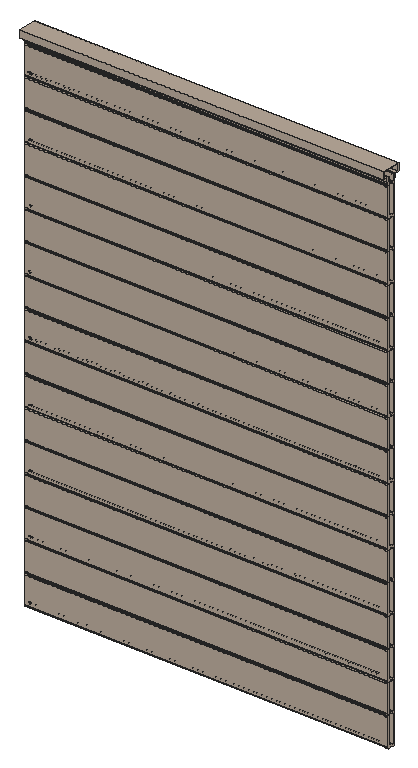
Revit family "Palmshield-Mercury-Solid-Vinyl-Panel", category Specialty Equipment, Revit 2026
Family settings
  Round Connector Dimension = Use Diameter
  Part Type = Normal
  Classification Number = 23.55.00.00
  Work Plane-Based = No
  Enable Cutting in Views = No
  Always vertical = No
  Cut with Voids When Loaded = No
  Maintain Annotation Orientation = No
  Shared = No
  Room Calculation Point = No
Parameters (values of type "Assembly")
  Width [instance] = if(Desired Overall Width < C Min Width, C Min Width, if(Desired Overall Width > C Max Width, C Max Width, Desired Overall Width))  # 4' - 0"
  Warranty URL = "https://palmshieldlouvers.com/wp-content/uploads/2020/01/PalmSHIELD-Warranty-NO-SIGN-LINE.pdf"
  Version = "2020 - v1.0a"  # constant formula
  URL = "https://palmshieldlouvers.com/"
  Product Page URL = "https://palmshieldlouvers.com/products/mercury-eco-solid/"
  Product Documentation Link = "https://palmshieldlouvers.com/wp-content/uploads/2022/01/PalmSHIELD-Mercury-Solid-Composite-Infill-Architectural-Screening-Specifications.doc"
  Offset From Surface = 0' - 2"  # constant formula
  Model = "Mercury Economic - Solid"  # constant formula
  Material = Metal - PalmSHIELD - Grey Beige
  Manufacturer Phone Number = "531-329-4406 "  # constant formula
  Manufacturer Email = "mailto: info@palmshieldlouvers.com"
  Manufacturer Address = "12330 Cary Circle, La Vista, NE 68128"  # constant formula
  Manufacturer = "PalmSHIELD"  # constant formula
  Louver Finish = Metal - PalmSHIELD - Grey Beige
  Keynote = "05 10 00"
  Instruction Sheet Link = "https://palmshieldlouvers.com/wp-content/uploads/2020/02/PalmSHIELD-Element-Screening-Installation-Instructions.pdf"
  ID [instance] = "Not Assigned"
  Height [instance] = if(Desired Overall Height < C Min Height, C Min Height, if(Desired Overall Height > C Max Height, C Max Height, Desired Overall Height))  # 6' - 0"
  Desired Overall Width [instance] = 4' - 0"
  Desired Overall Height [instance] = 6' - 0"
  Desired Bottom Angle [instance] = 0.00°
  Description = "Mercury Economic - Solid - Vinyl - Panel Assembly"  # constant formula
  Default Elevation = 0' - 0"
  Copyright = "Copyright ©2024 The American Fence Company and PalmSHIELD. All Rights Reserved."  # constant formula
  Component Vis [instance] = yes
  Component Name [instance] = "Mercury Economic - Solid - Vinyl"  # constant formula
  C Min Width [instance] = 4' - 0"  # constant formula
  C Min Height [instance] = C Min Width  # 4' - 0"
  C Max Width [instance] = 5' - 6"  # constant formula
  C Max Height [instance] = 8' - 0"  # constant formula
  C Angle [instance] = if(Desired Bottom Angle > 10.00°, 10.00°, if(Desired Bottom Angle < -10.00°, -10.00°, Desired Bottom Angle))  # 0.00°
  Assembly Code = "F1020100"
Reference planes (in)
  plane 1 "Center (Front/Back)": y = 0
  plane 2: z = 0
  plane 3 "Center (Left/Right)": x = 0
  plane 4: z = 72
  plane 5: x = 48
  plane 6: y = 3
  plane 7: y = 1.5
Lines and regions (in)
  reference lines
    curve 1: line (48, 0, 96.95698) -> (48, 0, -11)
    curve 2: line (-20.8931, 0, 72) -> (71.1069, 0, 72)
Dimensions and locks (in)
  "Desired Overall Height": curve 2 to level
  "Desired Overall Width": curve 1 to plane 3 "Center (Left/Right)"
  "Height": plane 4 to level
  "Width": plane 5 to plane 3 "Center (Left/Right)"
  equal spacing: plane 1 "Center (Front/Back)", plane 7, plane 6
  aligned and locked: plane 2 to level
Automatic sketch dimensions
  curve 2 to plane 3 "Center (Left/Right)" = 1' - 8.8931"
  plane 5 to curve 2 = 1' - 11.1069"
  curve 1 to level = 0' - 11"
  plane 4 to curve 1 = 2' - 0.95698"
Nested families (in)
  nested 1: "Screening-Louver-Assembly-Panel-Palmshield-Mercury_Economic-Solid-Vinyl" at (0, -1.25, 0), Desired Overall Height <- "Desired Overall Height", Desired Overall Width <- "Desired Overall Width", ID <- "ID", Component Vis <- "Component Vis", visible <- "Component Vis", type "Assembly"
    with Width 4' - 0", Louver Length 4' - 1", ID "Not Assigned", Height 6' - 0", Desired Overall Width 4' - 0", Desired Overall Height 6' - 0", Component Vis yes, Component Name "Mercury Economic Solid - Panel Assembly - Vinyl", C Top Post Length 4' - 0", C Top Piece Cut 0' - 4", C Top Cut In Place Vis yes, C Top Cut Height Real 0' - 5", C Top Cut Height 0' - 5", C Straight Corner Angle 45.00°, C Slope Angle 0.00°, C Side Frame Width 0' - 0 7/8", C Side Adjustment 0' - 0", C Rib Thickness Bottom Offset 0' - 0", C Rib Bottom Side Offset 0' - 0", C Louver Prelim Length 5' - 4", C Louver Offset 0' - 0 1/8", C Louver Count Prelim 8, C Hip 4' - 0", C Frame Offset 0' - 0 3/8", C Desired Bottom Angle 0.00°, C B-Side Post Length 6' - 0", C B-Side Angle 45.00°, C Angle 90.00°, C A-Side Post Length 6' - 0", C A-Side Angle 45.00°
  nested 2: "Nested-Louvers-Palmshield-Mercury_Economic-Solid-Vinyl" at (-0.5, 0, 58) x (0, 1, 0) z (1, 0, 0), type "1" X 8" TONGUE AND GROOVE VINYL INFILL"
    with Material Metal - PalmSHIELD - Grey Beige, Length 4' - 1", ID "Not Assigned", Field Cut no, Desired Cut Distance 0' - 1 3/4", Component Name "Mercury Economic Solid - Vinyl - Louvers", C Cut Distance 0' - 0 3/4"
  nested 3: "Nested-Louvers-Palmshield-Mercury_Economic-Solid-Vinyl" at (-0.5, 0, 50) x (0, 1, 0) z (1, 0, 0), type "1" X 8" TONGUE AND GROOVE VINYL INFILL"
    with Material Metal - PalmSHIELD - Grey Beige, Length 4' - 1", ID "Not Assigned", Field Cut no, Desired Cut Distance 0' - 1 3/4", Component Name "Mercury Economic Solid - Vinyl - Louvers", C Cut Distance 0' - 0 3/4"
  nested 4: "Nested-Louvers-Palmshield-Mercury_Economic-Solid-Vinyl" at (-0.5, 0, 42) x (0, 1, 0) z (1, 0, 0), type "1" X 8" TONGUE AND GROOVE VINYL INFILL"
    with Material Metal - PalmSHIELD - Grey Beige, Length 4' - 1", ID "Not Assigned", Field Cut no, Desired Cut Distance 0' - 1 3/4", Component Name "Mercury Economic Solid - Vinyl - Louvers", C Cut Distance 0' - 0 3/4"
  nested 5: "Nested-Louvers-Palmshield-Mercury_Economic-Solid-Vinyl" at (-0.5, 0, 34) x (0, 1, 0) z (1, 0, 0), type "1" X 8" TONGUE AND GROOVE VINYL INFILL"
    with Material Metal - PalmSHIELD - Grey Beige, Length 4' - 1", ID "Not Assigned", Field Cut no, Desired Cut Distance 0' - 1 3/4", Component Name "Mercury Economic Solid - Vinyl - Louvers", C Cut Distance 0' - 0 3/4"
  nested 6: "Nested-Louvers-Palmshield-Mercury_Economic-Solid-Vinyl" at (-0.5, 0, 26) x (0, 1, 0) z (1, 0, 0), type "1" X 8" TONGUE AND GROOVE VINYL INFILL"
    with Material Metal - PalmSHIELD - Grey Beige, Length 4' - 1", ID "Not Assigned", Field Cut no, Desired Cut Distance 0' - 1 3/4", Component Name "Mercury Economic Solid - Vinyl - Louvers", C Cut Distance 0' - 0 3/4"
  nested 7: "Nested-Louvers-Palmshield-Mercury_Economic-Solid-Vinyl" at (-0.5, 0, 18) x (0, 1, 0) z (1, 0, 0), type "1" X 8" TONGUE AND GROOVE VINYL INFILL"
    with Material Metal - PalmSHIELD - Grey Beige, Length 4' - 1", ID "Not Assigned", Field Cut no, Desired Cut Distance 0' - 1 3/4", Component Name "Mercury Economic Solid - Vinyl - Louvers", C Cut Distance 0' - 0 3/4"
  nested 8: "Nested-Louvers-Palmshield-Mercury_Economic-Solid-Vinyl" at (-0.5, 0, 10) x (0, 1, 0) z (1, 0, 0), type "1" X 8" TONGUE AND GROOVE VINYL INFILL"
    with Material Metal - PalmSHIELD - Grey Beige, Length 4' - 1", ID "Not Assigned", Field Cut no, Desired Cut Distance 0' - 1 3/4", Component Name "Mercury Economic Solid - Vinyl - Louvers", C Cut Distance 0' - 0 3/4"
  nested 9: "Nested-Louvers-Palmshield-Mercury_Economic-Solid-Vinyl" at (-0.5, 0, 2) x (0, 1, 0) z (1, 0, 0), type "1" X 8" TONGUE AND GROOVE VINYL INFILL"
    with Material Metal - PalmSHIELD - Grey Beige, Length 4' - 1", ID "Not Assigned", Field Cut no, Desired Cut Distance 0' - 1 3/4", Component Name "Mercury Economic Solid - Vinyl - Louvers", C Cut Distance 0' - 0 3/4"
  nested 10: "Nested-U_Channel-Palmshield-Mercury_Economic-Solid-Vinyl" at (-0.5, 0, 72) x (0, 1, 0) z (1, 0, 0), type "6063 T6 ALUM 3" X 2" GATE FRAME U CHANNEL"
    with Material Metal - PalmSHIELD - Grey Beige, Length 4' - 1", ID "Not Assigned", Component Name "Mercury Economic Solid - Aluminum - U Channel"
  nested 11: "Nested-Louvers-Palmshield-Mercury_Economic-Solid-Vinyl" at (-0.5, 0, 66) x (0, 1, 0) z (1, 0, 0), type "1" X 8" TONGUE AND GROOVE VINYL INFILL"
    with Material Metal - PalmSHIELD - Grey Beige, Length 4' - 1", ID "Not Assigned", Field Cut yes, Desired Cut Distance 0' - 4", Component Name "Mercury Economic Solid - Vinyl - Louvers", C Cut Distance 0' - 4"
Definition of nested family "Nested-Louvers-Palmshield-Mercury_Economic-Solid-Vinyl"
  Parameters (values of type "1" X 8" TONGUE AND GROOVE VINYL INFILL")
    Width = 0' - 8"  # constant formula
    Warranty URL = "https://palmshieldlouvers.com/wp-content/uploads/2020/01/PalmSHIELD-Warranty-NO-SIGN-LINE.pdf"
    Version = "2020 - v1.0a"  # constant formula
    URL = "https://palmshieldlouvers.com/"
    Thickness = 0' - 1"  # constant formula
    Product Page URL = "Contact Manufacturer for More Information"
    Product Documentation Link = "Contact Manufacturer for More Information"
    Model = "Mercury Economic Solid"  # constant formula
    Material [instance] = none
    Manufacturer Phone Number = "531-329-4406 "  # constant formula
    Manufacturer Fax Number = "Consult Manufacturer Website for More Information"  # constant formula
    Manufacturer Email = "mailto: info@palmshieldlouvers.com"
    Manufacturer Address = "12330 Cary Circle, La Vista, NE 68128"  # constant formula
    Manufacturer = "PalmSHIELD"  # constant formula
    Length [instance] = 4' - 4.86713"
    Keynote = "05 10 00"
    Instruction Sheet Link = "Contact Manufacturer for More Information"
    ID [instance] = ""
    Field Cut [instance] = no
    Desired Cut Distance [instance] = 0' - 2"
    Description = "Mercury Economic Solid - Louvers"  # constant formula
    Default Elevation = 4' - 0"
    Copyright = "Copyright ©2024 The American Fence Company and PalmSHIELD. All Rights Reserved."  # constant formula
    Component Name [instance] = "Mercury Economic Solid - Vinyl - Louvers"  # constant formula
    C Cut Distance [instance] = if(not(Field Cut), 0' 0 3/4", if(Field Cut, (if(Desired Cut Distance < 0' 0 3/4", 0' 0 3/4", if(Desired Cut Distance > 0' 8 3/4", 0' 8 3/4", Desired Cut Distance))), 0' 0 3/4"))  # 0' - 0 3/4"
    Assembly Code = "F1020100"
  Reference planes (in)
    plane 1 "Center (Front/Back)": y = 0
    plane 2: z = 0
    plane 3 "Center (Left/Right)": x = 0
    plane 4: z = 52.86713
    plane 5: y = 8
    plane 6: y = 9
  Forms (in)
    Extrusion 1, solid
      sketch origin (0, 0, 0) x (1, 0, 0) y (0, 1, 0)
        loop
          line (-48, 48) -> (-48, -48) -> (48, -48) -> (48, 48) -> (-48, 48)
      from 0 to -12
    Sweep 2, solid, material <- "Material", detail levels medium+fine
      path origin (0, 0, 0) x (0, 1, 0) y (0, 0, 1)
        loop
          line (0, 0) -> (0, 52.86713)
      profile "Profile-Palmshield-Louver : 1" X 8" TONGUE AND GROOVE VINYL INFILL" origin (0, 0, 26.43357) x (0, -1, 0) y (1, 0, 0)
        loop
          line (-7.9375, 0.375) -> (-7.9375, -0.375)
          arc (-7.9375, -0.375) -> (-7.91919, -0.41919) -> (-7.875, -0.4375) r 0.0625
          line (-7.875, -0.4375) -> (-4.15089, -0.4375) -> (-4.08839, -0.375)
          arc (-4.08839, -0.375) -> (-4, -0.33839) -> (-3.91161, -0.375) r 0.125
          line (-3.91161, -0.375) -> (-3.84911, -0.4375) -> (-0.125, -0.4375)
          arc (-0.125, -0.4375) -> (-0.08081, -0.41919) -> (-0.0625, -0.375) r 0.0625
          line (-0.0625, -0.375) -> (-0.0625, -0.1875) -> (-0.1875, -0.1875)
          arc (-0.1875, -0.1875) -> (-0.27589, -0.15089) -> (-0.3125, -0.0625) r 0.125
          line (-0.3125, -0.0625) -> (-0.3125, 0.0625)
          arc (-0.3125, 0.0625) -> (-0.27589, 0.15089) -> (-0.1875, 0.1875) r 0.125
          line (-0.1875, 0.1875) -> (-0.0625, 0.1875) -> (-0.0625, 0.375)
          arc (-0.0625, 0.375) -> (-0.08081, 0.41919) -> (-0.125, 0.4375) r 0.0625
          line (-0.125, 0.4375) -> (-3.84911, 0.4375) -> (-3.91161, 0.375)
          arc (-3.91161, 0.375) -> (-4, 0.33839) -> (-4.08839, 0.375) r 0.125
          line (-4.08839, 0.375) -> (-4.15089, 0.4375) -> (-7.875, 0.4375)
          arc (-7.875, 0.4375) -> (-7.91919, 0.41919) -> (-7.9375, 0.375) r 0.0625
        loop
          arc (-8, -0.375) -> (-7.96339, -0.46339) -> (-7.875, -0.5) r 0.125
          line (-7.875, -0.5) -> (-4.15089, -0.5)
          arc (-4.15089, -0.5) -> (-4.12697, -0.49524) -> (-4.10669, -0.48169) r 0.0625
          line (-4.10669, -0.48169) -> (-4.04419, -0.41919)
          arc (-4.04419, -0.41919) -> (-4, -0.40089) -> (-3.95581, -0.41919) r 0.0625
          line (-3.95581, -0.41919) -> (-3.89331, -0.48169)
          arc (-3.89331, -0.48169) -> (-3.87303, -0.49524) -> (-3.84911, -0.5) r 0.0625
          line (-3.84911, -0.5) -> (-0.125, -0.5)
          arc (-0.125, -0.5) -> (-0.03661, -0.46339) -> (0, -0.375) r 0.125
          line (0, -0.375) -> (0, -0.1875)
          arc (0, -0.1875) -> (-0.01831, -0.14331) -> (-0.0625, -0.125) r 0.0625
          line (-0.0625, -0.125) -> (-0.1875, -0.125)
          arc (-0.1875, -0.125) -> (-0.23169, -0.10669) -> (-0.25, -0.0625) r 0.0625
          line (-0.25, -0.0625) -> (-0.25, 0.0625)
          arc (-0.25, 0.0625) -> (-0.23169, 0.10669) -> (-0.1875, 0.125) r 0.0625
          line (-0.1875, 0.125) -> (-0.0625, 0.125)
          arc (-0.0625, 0.125) -> (-0.01831, 0.14331) -> (0, 0.1875) r 0.0625
          line (0, 0.1875) -> (0, 0.375)
          arc (0, 0.375) -> (-0.03661, 0.46339) -> (-0.125, 0.5) r 0.125
          line (-0.125, 0.5) -> (-3.84911, 0.5)
          arc (-3.84911, 0.5) -> (-3.87303, 0.49524) -> (-3.89331, 0.48169) r 0.0625
          line (-3.89331, 0.48169) -> (-3.95581, 0.41919)
          arc (-3.95581, 0.41919) -> (-4, 0.40089) -> (-4.04419, 0.41919) r 0.0625
          line (-4.04419, 0.41919) -> (-4.10669, 0.48169)
          arc (-4.10669, 0.48169) -> (-4.12697, 0.49524) -> (-4.15089, 0.5) r 0.0625
          line (-4.15089, 0.5) -> (-7.875, 0.5)
          arc (-7.875, 0.5) -> (-7.96339, 0.46339) -> (-8, 0.375) r 0.125
          line (-8, 0.375) -> (-8, 0.09375) -> (-8.1875, 0.09375)
          arc (-8.1875, 0.09375) -> (-8.23169, 0.07544) -> (-8.25, 0.03125) r 0.0625
          line (-8.25, 0.03125) -> (-8.25, -0.03125)
          arc (-8.25, -0.03125) -> (-8.23169, -0.07544) -> (-8.1875, -0.09375) r 0.0625
          line (-8.1875, -0.09375) -> (-8, -0.09375) -> (-8, -0.375)
    Extrusion 3, solid, material <- "Material", detail levels coarse
      sketch origin (0, 0, 0) x (1, 0, 0) y (0, 1, 0)
        loop
          line (0.5, 4.04549) -> (0.5, 7.875)
          arc (0.5, 7.875) -> (0.46339, 7.96339) -> (0.375, 8) r 0.125
          line (0.375, 8) -> (0.09375, 8) -> (0.09375, 8.1875)
          arc (0.09375, 8.1875) -> (0.07544, 8.23169) -> (0.03125, 8.25) r 0.0625
          line (0.03125, 8.25) -> (-0.03125, 8.25)
          arc (-0.03125, 8.25) -> (-0.07544, 8.23169) -> (-0.09375, 8.1875) r 0.0625
          line (-0.09375, 8.1875) -> (-0.09375, 8) -> (-0.375, 8)
          arc (-0.375, 8) -> (-0.46339, 7.96339) -> (-0.5, 7.875) r 0.125
          line (-0.5, 7.875) -> (-0.5, 3.97997) -> (-0.5, 0.125)
          arc (-0.5, 0.125) -> (-0.46339, 0.03661) -> (-0.375, 0) r 0.125
          line (-0.375, 0) -> (-0.1875, 0)
          arc (-0.1875, 0) -> (-0.14331, 0.01831) -> (-0.125, 0.0625) r 0.0625
          line (-0.125, 0.0625) -> (-0.125, 0.1875)
          arc (-0.125, 0.1875) -> (-0.10669, 0.23169) -> (-0.0625, 0.25) r 0.0625
          line (-0.0625, 0.25) -> (0.0625, 0.25)
          arc (0.0625, 0.25) -> (0.10669, 0.23169) -> (0.125, 0.1875) r 0.0625
          line (0.125, 0.1875) -> (0.125, 0.0625)
          arc (0.125, 0.0625) -> (0.14331, 0.01831) -> (0.1875, 0) r 0.0625
          line (0.1875, 0) -> (0.375, 0)
          arc (0.375, 0) -> (0.46339, 0.03661) -> (0.5, 0.125) r 0.125
          line (0.5, 0.125) -> (0.5, 4.04549)
      from 0 to 52.86713
    Extrusion 4, void
      sketch origin (0, 0, 0) x (1, 0, 0) y (0, 1, 0)
        loop
          line (-1.43237, 9) -> (-1.43237, 8.25) -> (1.56763, 8.25) -> (1.56763, 9) -> (-1.43237, 9)
      from 0 to 52.86713
  Cuts and joins
    Extrusion 4 cuts Extrusion 3
    Extrusion 4 cuts Sweep 2
  Lines and regions (in)
    reference lines
      curve 1: line (-3.17501, 7, 0) -> (4.57499, 7, 0)
  Dimensions and locks (in)
    "Length": plane 4 to plane 2
    "Width": plane 1 "Center (Front/Back)" to plane 5
    locked: plane 5 to plane 6 at 1
    "C Cut Distance": plane 6 to Extrusion 4 sketch curve
    "Desired Cut Distance": plane 6 to curve 1
    aligned and locked: plane 2 to Extrusion 1
    aligned and locked: level to Extrusion 1
    aligned and locked: plane 1 "Center (Front/Back)" to Sweep 2 sketch curve
    aligned and locked: plane 4 to Sweep 2 sketch curve
    aligned and locked: plane 4 to Extrusion 3
    aligned and locked: Extrusion 4 sketch curve to plane 6
    aligned and locked: plane 4 to cut or joined group of Extrusion 3, Extrusion 4
  Automatic sketch dimensions
    Extrusion 1 sketch curve to Extrusion 1 sketch curve = 8' - 0"  (x2)
    Sweep 2 sketch curve to level = 0' - 0"
    plane 5 to Extrusion 3 sketch curve = 0' - 0"  (x2)
    plane 1 "Center (Front/Back)" to Extrusion 3 sketch curve = 0' - 0"  (x2)
    Extrusion 3 sketch curve to plane 3 "Center (Left/Right)" = 0' - 0 1/2"
    Extrusion 3 sketch curve to plane 1 "Center (Front/Back)" = 0' - 0 1/8"
    Extrusion 3 sketch curve to Extrusion 3 sketch curve = 0' - 0 1/8"  (x4)
    Extrusion 3 sketch curve to plane 3 "Center (Left/Right)" = 0' - 0 3/16"
    Extrusion 3 sketch curve to plane 1 "Center (Front/Back)" = 0' - 0 1/16"  (x2)
    Extrusion 3 sketch curve to plane 3 "Center (Left/Right)" = 0' - 0 3/32"
    Extrusion 3 sketch curve to plane 3 "Center (Left/Right)" = 0' - 0 1/16"
    Extrusion 3 sketch curve to plane 3 "Center (Left/Right)" = 0' - 0 1/32"
    plane 3 "Center (Left/Right)" to Extrusion 3 sketch curve = 0' - 0 1/32"
    plane 3 "Center (Left/Right)" to Extrusion 3 sketch curve = 0' - 0 1/16"
    Extrusion 3 sketch curve to Extrusion 3 sketch curve = 0' - 0 1/16"  (x2)
    Extrusion 3 sketch curve to Extrusion 3 sketch curve = 0' - 0 3/16"  (x2)
    Extrusion 3 sketch curve to Extrusion 3 sketch curve = 0' - 3.79549"
    Extrusion 3 sketch curve to Extrusion 3 sketch curve = 0' - 0.06553"
    curve 1 to plane 3 "Center (Left/Right)" = 0' - 3.17501"
    plane 3 "Center (Left/Right)" to curve 1 = 0' - 4.57499"
    Extrusion 4 sketch curve to plane 3 "Center (Left/Right)" = 0' - 1.43237"
    plane 3 "Center (Left/Right)" to Extrusion 4 sketch curve = 0' - 1.56763"
Definition of nested family "Nested-U_Channel-Palmshield-Mercury_Economic-Solid-Vinyl"
  Parameters (values of type "6063 T6 ALUM 3" X 2" GATE FRAME U CHANNEL")
    Width = 0' - 2 1/2"  # constant formula
    Warranty URL = "https://palmshieldlouvers.com/wp-content/uploads/2020/01/PalmSHIELD-Warranty-NO-SIGN-LINE.pdf"
    Version = "2020 - v1.0a"  # constant formula
    URL = "https://palmshieldlouvers.com/"
    Thickness = 0' - 0 1/16"  # constant formula
    Product Page URL = "Contact Manufacturer for More Information"
    Product Documentation Link = "Contact Manufacturer for More Information"
    Model = "Mercury Economic Solid"  # constant formula
    Material [instance] = none
    Manufacturer Phone Number = "531-329-4406 "  # constant formula
    Manufacturer Fax Number = "Consult Manufacturer Website for More Information"  # constant formula
    Manufacturer Email = "mailto: info@palmshieldlouvers.com"
    Manufacturer Address = "12330 Cary Circle, La Vista, NE 68128"  # constant formula
    Manufacturer = "PalmSHIELD"  # constant formula
    Length [instance] = 4' - 4.86713"
    Keynote = "05 10 00"
    Instruction Sheet Link = "Contact Manufacturer for More Information"
    ID [instance] = ""
    Description = "Mercury Economic Solid - U Channel"  # constant formula
    Default Elevation = 4' - 0"
    Copyright = "Copyright ©2024 The American Fence Company and PalmSHIELD. All Rights Reserved."  # constant formula
    Component Name [instance] = "Mercury Economic Solid - Aluminum - U Channel"  # constant formula
    Assembly Code = "F1020100"
  Reference planes (in)
    plane 1 "Center (Front/Back)": y = 0
    plane 2: z = 0
    plane 3 "Center (Left/Right)": x = 0
    plane 4: z = 52.86713
  Forms (in)
    Extrusion 1, solid
      sketch origin (0, 0, 0) x (1, 0, 0) y (0, 1, 0)
        loop
          line (-48, 48) -> (-48, -48) -> (48, -48) -> (48, 48) -> (-48, 48)
      from 0 to -12
    Extrusion 2, solid, material <- "Material"
      sketch origin (0, 0, 0) x (1, 0, 0) y (0, 1, 0)
        loop
          line (-1.25, 0) -> (-1.25, -1) -> (-0.625, -1) -> (-0.625, -1.5) -> (-0.5625, -1.5) -> (-0.5625, -0.9375) -> (-1.1875, -0.9375) -> (-1.1875, -0.0625) -> (1.1875, -0.0625) -> (1.1875, -0.9375) -> (0.5625, -0.9375) -> (0.5625, -1.5) -> (0.625, -1.5) -> (0.625, -1) -> (1.25, -1) -> (1.25, 0) -> (-1.25, 0)
      from 0 to 52.86713
  Dimensions and locks (in)
    "Length": plane 4 to plane 2
    aligned and locked: plane 2 to Extrusion 1
    aligned and locked: level to Extrusion 1
    aligned and locked: plane 4 to Extrusion 2
  Automatic sketch dimensions
    Extrusion 1 sketch curve to Extrusion 1 sketch curve = 8' - 0"  (x2)
    plane 1 "Center (Front/Back)" to Extrusion 2 sketch curve = 0' - 0"
    Extrusion 2 sketch curve to Extrusion 2 sketch curve = 0' - 0 5/8"  (x2)
    Extrusion 2 sketch curve to Extrusion 2 sketch curve = 0' - 1 1/4"
    Extrusion 2 sketch curve to Extrusion 2 sketch curve = 0' - 1"  (x2)
    Extrusion 2 sketch curve to Extrusion 2 sketch curve = 0' - 0 1/2"  (x2)
    Extrusion 2 sketch curve to Extrusion 2 sketch curve = 0' - 0 1/16"  (x7)
    Extrusion 2 sketch curve to plane 3 "Center (Left/Right)" = 0' - 1 1/4"
Definition of nested family "Screening-Louver-Assembly-Panel-Palmshield-Mercury_Economic-Solid-Vinyl"
  Parameters (values of type "Default")
    Width [instance] = if(Desired Overall Width < 4' 0", 4' 0", if(Desired Overall Width > 5' 6", 5' 6", Desired Overall Width))  # 4' - 0"
    Warranty URL = "https://palmshieldlouvers.com/wp-content/uploads/2020/01/PalmSHIELD-Warranty-NO-SIGN-LINE.pdf"
    Version = "2020 - v1.0a"  # constant formula
    URL = "https://palmshieldlouvers.com/"
    Offset From Surface = 0' - 3 1/2"  # constant formula
    Material = none
    Louver Separation = 0' - 0"  # constant formula
    Product Page URL = "Contact Manufacturer for More Information"
    Product Documentation Link = "Contact Manufacturer for More Information"
    Model = "Mercury Economic Solid"  # constant formula
    Manufacturer Phone Number = "531-329-4406 "  # constant formula
    Manufacturer Fax Number = "Consult Manufacturer Website for More Information"  # constant formula
    Manufacturer Email = "mailto: info@palmshieldlouvers.com"
    Manufacturer Address = "12330 Cary Circle, La Vista, NE 68128"  # constant formula
    Manufacturer = "PalmSHIELD"  # constant formula
    Louver Length [instance] = Width + 2 * C Frame Overlap  # 4' - 1"
    Keynote = "05 10 00"
    Instruction Sheet Link = "Contact Manufacturer for More Information"
    ID [instance] = "Not Assgined"
    Height [instance] = if(Desired Overall Height < 3' 0", 3' 0", if(Desired Overall Height > 8' 0", 8' 0", Desired Overall Height))  # 6' - 0"
    Component Vis [instance] = no
    C Top Frame Offset = 0' - 1"  # constant formula
    C Louver Prelim Length [instance] = C Louver Count Prelim * C Louver Height  # 5' - 4"
    C Louver Height = 0' - 8"  # constant formula
    C Frame Width = 0' - 2 1/2"  # constant formula
    C Frame Thickness = 0' - 0 1/8"  # constant formula
    Desired Overall Width [instance] = 4' - 0"
    Desired Overall Height [instance] = 6' - 0"
    Description = "Mercury Economic Solid - Panel Assembly"  # constant formula
    Default Elevation = 0' - 0"
    Copyright = "Copyright ©2024 The American Fence Company and PalmSHIELD. All Rights Reserved."  # constant formula
    Component Name [instance] = "Mercury Economic Solid - Panel Assembly - Vinyl"  # constant formula
    C Top Post Length [instance] = Width  # 4' - 0"
    C Top Offset = 0' - 6 1/2"  # constant formula
    C Straight Corner Angle [instance] = 45.00°  # constant formula
    C Slope Angle [instance] = if(C Desired Bottom Angle < -25.00°, 25.00°, if(C Desired Bottom Angle > 25.00°, 25.00°, C Desired Bottom Angle))  # 0.00°
    C Side Frame Width [instance] = 0' - 0 7/8"  # constant formula
    C Rib Thickness Bottom Offset [instance] = 0' - 0"  # constant formula
    C Rib Bottom Side Offset [instance] = if(C Slope Angle < 0.00°, -C Frame Thickness * sin(C Slope Angle), C Frame Thickness * sin(C Slope Angle))  # 0' - 0"
    C Louver Overlap = 0' - 1 13/16"  # constant formula
    C Louver Offset [instance] = 0' - 0 1/8"  # constant formula
    C Louver Count Prelim [instance] = rounddown((Height - 0' 0 3/4" - C Bottom Offset - 2 * C Top Frame Offset) / C Louver Height)  # 8
    C Hip [instance] = Width / cos(C Slope Angle)  # 4' - 0"
    C Side Adjustment [instance] = -C Hip * sin(C Slope Angle)  # 0' - 0"
    C Frame Overlap = 0' - 0 1/2"  # constant formula
    C Frame Offset [instance] = C Side Frame Width - 0' 0 1/2"  # 0' - 0 3/8"
    C Top Piece Cut [instance] = (C Louver Height - C Top Cut Height + 0' 1")  # 0' - 4"
    C Bottom Offset = 0' - 2"  # constant formula
    C Top Cut In Place Vis [instance] = if(C Top Cut Height Real < 0' 0 3/4", 1 = 0, 1 = 1)  # yes
    C Top Cut Height Real [instance] = Height - C Bottom Offset - C Louver Height * C Louver Count Prelim - C Top Frame Offset  # 0' - 5"
    C Top Cut Height [instance] = if(C Top Cut Height Real < 0' 3" / 4, 0' 0 3/4", C Top Cut Height Real)  # 0' - 5"
    C B-Side Post Length [instance] = Height + C Side Adjustment  # 6' - 0"
    C B-Side Angle [instance] = (90.00° - C Slope Angle) / 2  # 45.00°
    C Angle [instance] = if(C Slope Angle < -25.00°, 90.00° - 25.00°, if(C Slope Angle > 25.00°, 90.00° + 25.00°, 90.00° - C Slope Angle))  # 90.00°
    C Desired Bottom Angle [instance] = 0.00°  # constant formula
    C A-Side Post Length [instance] = Height  # 6' - 0"
    C A-Side Angle [instance] = (90.00° + C Slope Angle) / 2  # 45.00°
    Assembly Code = "F1020100"
  Types (2): name | Product Page URL | Product Documentation Link | Instruction Sheet Link | ID | Height | Component Vis | C Louver Prelim Length | Desired Overall Height | C Louver Count Prelim | C Top Piece Cut | C Top Cut Height Real | C Top Cut Height | C B-Side Post Length | C A-Side Post Length
    Default | "Contact Manufacturer for More Information" | "Contact Manufacturer for More Information" | "Contact Manufacturer for More Information" | "Not Assgined" | 6' - 0" | no | 5' - 4" | 6' - 0" | 8 | 0' - 4" | 0' - 5" | 0' - 5" | 6' - 0" | 6' - 0"
    Assembly | "https://palmshieldlouvers.com/products/augustus-solid/" | "https://palmshieldlouvers.com/wp-content/uploads/2020/05/PalmSHIELD-Solid-Composite-Technical-Data-Sheet.pdf" | "https://palmshieldlouvers.com/wp-content/uploads/2020/01/PalmSHIELD-Post-Panel-Gate-Installation-Instructions-REV-1.pdf" | "Not Assigned" | 6' - 7 3/16" | yes | 6' - 0" | 6' - 7 3/16" | 9 | 0' - 4 13/16" | 0' - 4 3/16" | 0' - 4 3/16" | 6' - 7 3/16" | 6' - 7 3/16"
  Reference planes (in)
    plane 1: y = 0
    plane 2: z = 0
    plane 3 "Side A": x = 0
    plane 4 "Top": z = 72
    plane 5 "Side B": x = 48
    plane 6: y = 2.5
    plane 7: z = 72
    plane 8: x = 0
    plane 9: x = -0.5
    plane 10 "Center (Front/Back)": y = 1.25
    plane 11: x = 24
    plane 12: z = 2
    plane 13: z = 71
    plane 14: z = 10
    plane 15: z = 2
    plane 16: z = 66
  Forms (in)
    Extrusion 1, solid
      sketch origin (0, 0, 0) x (1, 0, 0) y (0, 1, 0)
        loop
          line (-48, 48) -> (-48, -48) -> (48, -48) -> (48, 48) -> (-48, 48)
      from 0 to -12
  Lines and regions (in)
    reference lines
      curve 1: line (0, 0, 2.14604) -> (84, 0, 2.14604)
      curve 2: line (15.625, 0, 2.14604) -> (26.375, 0, 2.14604)
      curve 3: line (31.625, 0, 2.14604) -> (41.625, 0, 2.14604)
      curve 4: line (-27.54474, 0, 72) -> (87.34612, 0, 72)
      curve 5: line (48, 0, 2.14604) -> (53.25, 0, 2.14604)
      curve 6: line (48, 0, 108.44552) -> (48, 0, -22.08573)
  Dimensions and locks (in)
    "Width": plane 5 "Side B" to plane 3 "Side A"
    plane 3 "Side A" to plane 5 "Side B" = 4' - 0"
    plane 4 "Top" to plane 7 = 0' - 0"
    "C Rib Bottom Side Offset": plane 3 "Side A" to plane 8
    equal spacing: plane 1, plane 10 "Center (Front/Back)", plane 6
    equal spacing: plane 3 "Side A", plane 11, plane 5 "Side B"
    "C Frame Overlap": plane 3 "Side A" to plane 9
    "C Bottom Offset": plane 12 to plane 2
    "Desired Overall Width": curve 6 to plane 3 "Side A"
    "C Frame Width": plane 6 to plane 1
    "C Top Frame Offset": plane 7 to plane 13
    "C Top Cut Height": plane 13 to plane 16
    "C Louver Height": plane 15 to plane 14
    equal spacing: group 1, group 2, group 3, group 4, group 5, group 6, group 7, group 8  (x3)
    "Desired Overall Height": curve 4 to plane 2
    "Height": plane 4 "Top" to plane 2
    "C Angle": angle curve 1 to plane 3 "Side A"
    locked: curve 5 to plane 5 "Side B" (angle 90.00°)
    aligned and locked: plane 2 to Extrusion 1
    aligned and locked: level to Extrusion 1
    aligned and locked: plane 3 "Side A" to curve 1
    aligned and locked: nested 1 to plane 7
    aligned and locked: plane 10 "Center (Front/Back)" to nested 1
    aligned and locked: plane 10 "Center (Front/Back)" to nested 2
    aligned and locked: nested 2 to plane 16
    aligned and locked: nested 3 to plane 9
    aligned and locked: plane 10 "Center (Front/Back)" to nested 3
    aligned and locked: plane 10 "Center (Front/Back)" to nested 4
    aligned and locked: plane 12 to nested 3
    aligned and locked: nested 4 to plane 14
  Automatic sketch dimensions
    Extrusion 1 sketch curve to Extrusion 1 sketch curve = 8' - 0"  (x2)
    curve 5 to plane 5 "Side B" = 0' - 0"
    curve 4 to plane 9 = 2' - 3.04474"
    curve 2 to plane 12 = 0' - 0.14604"
    curve 2 to plane 11 = 0' - 8 3/8"
    plane 11 to curve 2 = 0' - 2 3/8"
    curve 3 to plane 12 = 0' - 0.14604"
    curve 2 to curve 3 = 0' - 5 1/4"
    curve 3 to curve 5 = 0' - 6 3/8"
    plane 5 "Side B" to curve 4 = 3' - 3.34612"
    curve 5 to plane 12 = 0' - 0.14604"
    curve 6 to level = 1' - 10.08573"
    plane 4 "Top" to curve 6 = 3' - 0.44552"
  Nested families (in)
    nested 1: "Nested-U_Channel-Palmshield-Mercury_Economic-Solid-Vinyl" at (-0.5, 1.25, 72) x (0, 1, 0) z (1, 0, 0), Length <- "Louver Length", ID <- "ID", Material <- "Material", visible <- "Component Vis", type "6063 T6 ALUM 3" X 2" GATE FRAME U CHANNEL"
      with Material none, Length 4' - 1", ID "Not Assgined", Component Name "Mercury Economic Solid - Aluminum - U Channel"
    nested 2: "Nested-Louvers-Palmshield-Mercury_Economic-Solid-Vinyl" at (-0.5, 1.25, 66) x (0, 1, 0) z (1, 0, 0), Length <- "Louver Length", ID <- "ID", Material <- "Material", Desired Cut Distance <- "C Top Piece Cut", visible <- "C Top Cut In Place Vis", type "1" X 8" TONGUE AND GROOVE VINYL INFILL"
      with Material none, Length 4' - 1", ID "Not Assgined", Field Cut yes, Desired Cut Distance 0' - 4", Component Name "Mercury Economic Solid - Vinyl - Louvers", C Cut Distance 0' - 4"
    nested 3: "Nested-Louvers-Palmshield-Mercury_Economic-Solid-Vinyl" at (-0.5, 1.25, 2) x (0, 1, 0) z (1, 0, 0), Length <- "Louver Length", ID <- "ID", Material <- "Material", visible <- "Component Vis", type "1" X 8" TONGUE AND GROOVE VINYL INFILL"
      with Material none, Length 4' - 1", ID "Not Assgined", Field Cut no, Desired Cut Distance 0' - 1 3/4", Component Name "Mercury Economic Solid - Vinyl - Louvers", C Cut Distance 0' - 0 3/4"
    nested 4: "Nested-Louvers-Palmshield-Mercury_Economic-Solid-Vinyl" at (-0.5, 1.25, 10) x (0, 1, 0) z (1, 0, 0), Length <- "Louver Length", ID <- "ID", Material <- "Material", visible <- "Component Vis", type "1" X 8" TONGUE AND GROOVE VINYL INFILL"
      with Material none, Length 4' - 1", ID "Not Assgined", Field Cut no, Desired Cut Distance 0' - 1 3/4", Component Name "Mercury Economic Solid - Vinyl - Louvers", C Cut Distance 0' - 0 3/4"
    nested 5: "Nested-Louvers-Palmshield-Mercury_Economic-Solid-Vinyl" at (-0.5, 1.25, 18) x (0, 1, 0) z (1, 0, 0), Length <- "Louver Length", ID <- "ID", Material <- "Material", visible <- "Component Vis", type "1" X 8" TONGUE AND GROOVE VINYL INFILL"
      with Material none, Length 4' - 1", ID "Not Assgined", Field Cut no, Desired Cut Distance 0' - 1 3/4", Component Name "Mercury Economic Solid - Vinyl - Louvers", C Cut Distance 0' - 0 3/4"
    nested 6: "Nested-Louvers-Palmshield-Mercury_Economic-Solid-Vinyl" at (-0.5, 1.25, 26) x (0, 1, 0) z (1, 0, 0), Length <- "Louver Length", ID <- "ID", Material <- "Material", visible <- "Component Vis", type "1" X 8" TONGUE AND GROOVE VINYL INFILL"
      with Material none, Length 4' - 1", ID "Not Assgined", Field Cut no, Desired Cut Distance 0' - 1 3/4", Component Name "Mercury Economic Solid - Vinyl - Louvers", C Cut Distance 0' - 0 3/4"
    nested 7: "Nested-Louvers-Palmshield-Mercury_Economic-Solid-Vinyl" at (-0.5, 1.25, 34) x (0, 1, 0) z (1, 0, 0), Length <- "Louver Length", ID <- "ID", Material <- "Material", visible <- "Component Vis", type "1" X 8" TONGUE AND GROOVE VINYL INFILL"
      with Material none, Length 4' - 1", ID "Not Assgined", Field Cut no, Desired Cut Distance 0' - 1 3/4", Component Name "Mercury Economic Solid - Vinyl - Louvers", C Cut Distance 0' - 0 3/4"
    nested 8: "Nested-Louvers-Palmshield-Mercury_Economic-Solid-Vinyl" at (-0.5, 1.25, 42) x (0, 1, 0) z (1, 0, 0), Length <- "Louver Length", ID <- "ID", Material <- "Material", visible <- "Component Vis", type "1" X 8" TONGUE AND GROOVE VINYL INFILL"
      with Material none, Length 4' - 1", ID "Not Assgined", Field Cut no, Desired Cut Distance 0' - 1 3/4", Component Name "Mercury Economic Solid - Vinyl - Louvers", C Cut Distance 0' - 0 3/4"
    nested 9: "Nested-Louvers-Palmshield-Mercury_Economic-Solid-Vinyl" at (-0.5, 1.25, 50) x (0, 1, 0) z (1, 0, 0), Length <- "Louver Length", ID <- "ID", Material <- "Material", visible <- "Component Vis", type "1" X 8" TONGUE AND GROOVE VINYL INFILL"
      with Material none, Length 4' - 1", ID "Not Assgined", Field Cut no, Desired Cut Distance 0' - 1 3/4", Component Name "Mercury Economic Solid - Vinyl - Louvers", C Cut Distance 0' - 0 3/4"
    nested 10: "Nested-Louvers-Palmshield-Mercury_Economic-Solid-Vinyl" at (-0.5, 1.25, 58) x (0, 1, 0) z (1, 0, 0), Length <- "Louver Length", ID <- "ID", Material <- "Material", visible <- "Component Vis", type "1" X 8" TONGUE AND GROOVE VINYL INFILL"
      with Material none, Length 4' - 1", ID "Not Assgined", Field Cut no, Desired Cut Distance 0' - 1 3/4", Component Name "Mercury Economic Solid - Vinyl - Louvers", C Cut Distance 0' - 0 3/4"
  Definition of nested family "Nested-U_Channel-Palmshield-Mercury_Economic-Solid-Vinyl"
    Parameters (values of type "6063 T6 ALUM 3" X 2" GATE FRAME U CHANNEL")
      Width = 0' - 2 1/2"  # constant formula
      Warranty URL = "https://palmshieldlouvers.com/wp-content/uploads/2020/01/PalmSHIELD-Warranty-NO-SIGN-LINE.pdf"
      Version = "2020 - v1.0a"  # constant formula
      URL = "https://palmshieldlouvers.com/"
      Thickness = 0' - 0 1/16"  # constant formula
      Product Page URL = "Contact Manufacturer for More Information"
      Product Documentation Link = "Contact Manufacturer for More Information"
      Model = "Mercury Economic Solid"  # constant formula
      Material [instance] = none
      Manufacturer Phone Number = "531-329-4406 "  # constant formula
      Manufacturer Fax Number = "Consult Manufacturer Website for More Information"  # constant formula
      Manufacturer Email = "mailto: info@palmshieldlouvers.com"
      Manufacturer Address = "12330 Cary Circle, La Vista, NE 68128"  # constant formula
      Manufacturer = "PalmSHIELD"  # constant formula
      Length [instance] = 4' - 4.86713"
      Keynote = "05 10 00"
      Instruction Sheet Link = "Contact Manufacturer for More Information"
      ID [instance] = ""
      Description = "Mercury Economic Solid - U Channel"  # constant formula
      Default Elevation = 4' - 0"
      Copyright = "Copyright ©2024 The American Fence Company and PalmSHIELD. All Rights Reserved."  # constant formula
      Component Name [instance] = "Mercury Economic Solid - Aluminum - U Channel"  # constant formula
      Assembly Code = "F1020100"
    Reference planes (in)
      plane 1 "Center (Front/Back)": y = 0
      plane 2: z = 0
      plane 3 "Center (Left/Right)": x = 0
      plane 4: z = 52.86713
    Forms (in)
      Extrusion 1, solid
        sketch origin (0, 0, 0) x (1, 0, 0) y (0, 1, 0)
          loop
            line (-48, 48) -> (-48, -48) -> (48, -48) -> (48, 48) -> (-48, 48)
        from 0 to -12
      Extrusion 2, solid, material <- "Material"
        sketch origin (0, 0, 0) x (1, 0, 0) y (0, 1, 0)
          loop
            line (-1.25, 0) -> (-1.25, -1) -> (-0.625, -1) -> (-0.625, -1.5) -> (-0.5625, -1.5) -> (-0.5625, -0.9375) -> (-1.1875, -0.9375) -> (-1.1875, -0.0625) -> (1.1875, -0.0625) -> (1.1875, -0.9375) -> (0.5625, -0.9375) -> (0.5625, -1.5) -> (0.625, -1.5) -> (0.625, -1) -> (1.25, -1) -> (1.25, 0) -> (-1.25, 0)
        from 0 to 52.86713
    Dimensions and locks (in)
      "Length": plane 4 to plane 2
      aligned and locked: plane 2 to Extrusion 1
      aligned and locked: level to Extrusion 1
      aligned and locked: plane 4 to Extrusion 2
    Automatic sketch dimensions
      Extrusion 1 sketch curve to Extrusion 1 sketch curve = 8' - 0"  (x2)
      plane 1 "Center (Front/Back)" to Extrusion 2 sketch curve = 0' - 0"
      Extrusion 2 sketch curve to Extrusion 2 sketch curve = 0' - 0 5/8"  (x2)
      Extrusion 2 sketch curve to Extrusion 2 sketch curve = 0' - 1 1/4"
      Extrusion 2 sketch curve to Extrusion 2 sketch curve = 0' - 1"  (x2)
      Extrusion 2 sketch curve to Extrusion 2 sketch curve = 0' - 0 1/2"  (x2)
      Extrusion 2 sketch curve to Extrusion 2 sketch curve = 0' - 0 1/16"  (x7)
      Extrusion 2 sketch curve to plane 3 "Center (Left/Right)" = 0' - 1 1/4"
  Definition of nested family "Nested-Louvers-Palmshield-Mercury_Economic-Solid-Vinyl"
    Parameters (values of type "1" X 8" TONGUE AND GROOVE VINYL INFILL")
      Width = 0' - 8"  # constant formula
      Warranty URL = "https://palmshieldlouvers.com/wp-content/uploads/2020/01/PalmSHIELD-Warranty-NO-SIGN-LINE.pdf"
      Version = "2020 - v1.0a"  # constant formula
      URL = "https://palmshieldlouvers.com/"
      Thickness = 0' - 1"  # constant formula
      Product Page URL = "Contact Manufacturer for More Information"
      Product Documentation Link = "Contact Manufacturer for More Information"
      Model = "Mercury Economic Solid"  # constant formula
      Material [instance] = none
      Manufacturer Phone Number = "531-329-4406 "  # constant formula
      Manufacturer Fax Number = "Consult Manufacturer Website for More Information"  # constant formula
      Manufacturer Email = "mailto: info@palmshieldlouvers.com"
      Manufacturer Address = "12330 Cary Circle, La Vista, NE 68128"  # constant formula
      Manufacturer = "PalmSHIELD"  # constant formula
      Length [instance] = 4' - 4.86713"
      Keynote = "05 10 00"
      Instruction Sheet Link = "Contact Manufacturer for More Information"
      ID [instance] = ""
      Field Cut [instance] = no
      Desired Cut Distance [instance] = 0' - 2"
      Description = "Mercury Economic Solid - Louvers"  # constant formula
      Default Elevation = 4' - 0"
      Copyright = "Copyright ©2024 The American Fence Company and PalmSHIELD. All Rights Reserved."  # constant formula
      Component Name [instance] = "Mercury Economic Solid - Vinyl - Louvers"  # constant formula
      C Cut Distance [instance] = if(not(Field Cut), 0' 0 3/4", if(Field Cut, (if(Desired Cut Distance < 0' 0 3/4", 0' 0 3/4", if(Desired Cut Distance > 0' 8 3/4", 0' 8 3/4", Desired Cut Distance))), 0' 0 3/4"))  # 0' - 0 3/4"
      Assembly Code = "F1020100"
    Reference planes (in)
      plane 1 "Center (Front/Back)": y = 0
      plane 2: z = 0
      plane 3 "Center (Left/Right)": x = 0
      plane 4: z = 52.86713
      plane 5: y = 8
      plane 6: y = 9
    Forms (in)
      Extrusion 1, solid
        sketch origin (0, 0, 0) x (1, 0, 0) y (0, 1, 0)
          loop
            line (-48, 48) -> (-48, -48) -> (48, -48) -> (48, 48) -> (-48, 48)
        from 0 to -12
      Sweep 2, solid, material <- "Material", detail levels medium+fine
        path origin (0, 0, 0) x (0, 1, 0) y (0, 0, 1)
          loop
            line (0, 0) -> (0, 52.86713)
        profile "Profile-Palmshield-Louver : 1" X 8" TONGUE AND GROOVE VINYL INFILL" origin (0, 0, 26.43357) x (0, -1, 0) y (1, 0, 0)
          loop
            line (-7.9375, 0.375) -> (-7.9375, -0.375)
            arc (-7.9375, -0.375) -> (-7.91919, -0.41919) -> (-7.875, -0.4375) r 0.0625
            line (-7.875, -0.4375) -> (-4.15089, -0.4375) -> (-4.08839, -0.375)
            arc (-4.08839, -0.375) -> (-4, -0.33839) -> (-3.91161, -0.375) r 0.125
            line (-3.91161, -0.375) -> (-3.84911, -0.4375) -> (-0.125, -0.4375)
            arc (-0.125, -0.4375) -> (-0.08081, -0.41919) -> (-0.0625, -0.375) r 0.0625
            line (-0.0625, -0.375) -> (-0.0625, -0.1875) -> (-0.1875, -0.1875)
            arc (-0.1875, -0.1875) -> (-0.27589, -0.15089) -> (-0.3125, -0.0625) r 0.125
            line (-0.3125, -0.0625) -> (-0.3125, 0.0625)
            arc (-0.3125, 0.0625) -> (-0.27589, 0.15089) -> (-0.1875, 0.1875) r 0.125
            line (-0.1875, 0.1875) -> (-0.0625, 0.1875) -> (-0.0625, 0.375)
            arc (-0.0625, 0.375) -> (-0.08081, 0.41919) -> (-0.125, 0.4375) r 0.0625
            line (-0.125, 0.4375) -> (-3.84911, 0.4375) -> (-3.91161, 0.375)
            arc (-3.91161, 0.375) -> (-4, 0.33839) -> (-4.08839, 0.375) r 0.125
            line (-4.08839, 0.375) -> (-4.15089, 0.4375) -> (-7.875, 0.4375)
            arc (-7.875, 0.4375) -> (-7.91919, 0.41919) -> (-7.9375, 0.375) r 0.0625
          loop
            arc (-8, -0.375) -> (-7.96339, -0.46339) -> (-7.875, -0.5) r 0.125
            line (-7.875, -0.5) -> (-4.15089, -0.5)
            arc (-4.15089, -0.5) -> (-4.12697, -0.49524) -> (-4.10669, -0.48169) r 0.0625
            line (-4.10669, -0.48169) -> (-4.04419, -0.41919)
            arc (-4.04419, -0.41919) -> (-4, -0.40089) -> (-3.95581, -0.41919) r 0.0625
            line (-3.95581, -0.41919) -> (-3.89331, -0.48169)
            arc (-3.89331, -0.48169) -> (-3.87303, -0.49524) -> (-3.84911, -0.5) r 0.0625
            line (-3.84911, -0.5) -> (-0.125, -0.5)
            arc (-0.125, -0.5) -> (-0.03661, -0.46339) -> (0, -0.375) r 0.125
            line (0, -0.375) -> (0, -0.1875)
            arc (0, -0.1875) -> (-0.01831, -0.14331) -> (-0.0625, -0.125) r 0.0625
            line (-0.0625, -0.125) -> (-0.1875, -0.125)
            arc (-0.1875, -0.125) -> (-0.23169, -0.10669) -> (-0.25, -0.0625) r 0.0625
            line (-0.25, -0.0625) -> (-0.25, 0.0625)
            arc (-0.25, 0.0625) -> (-0.23169, 0.10669) -> (-0.1875, 0.125) r 0.0625
            line (-0.1875, 0.125) -> (-0.0625, 0.125)
            arc (-0.0625, 0.125) -> (-0.01831, 0.14331) -> (0, 0.1875) r 0.0625
            line (0, 0.1875) -> (0, 0.375)
            arc (0, 0.375) -> (-0.03661, 0.46339) -> (-0.125, 0.5) r 0.125
            line (-0.125, 0.5) -> (-3.84911, 0.5)
            arc (-3.84911, 0.5) -> (-3.87303, 0.49524) -> (-3.89331, 0.48169) r 0.0625
            line (-3.89331, 0.48169) -> (-3.95581, 0.41919)
            arc (-3.95581, 0.41919) -> (-4, 0.40089) -> (-4.04419, 0.41919) r 0.0625
            line (-4.04419, 0.41919) -> (-4.10669, 0.48169)
            arc (-4.10669, 0.48169) -> (-4.12697, 0.49524) -> (-4.15089, 0.5) r 0.0625
            line (-4.15089, 0.5) -> (-7.875, 0.5)
            arc (-7.875, 0.5) -> (-7.96339, 0.46339) -> (-8, 0.375) r 0.125
            line (-8, 0.375) -> (-8, 0.09375) -> (-8.1875, 0.09375)
            arc (-8.1875, 0.09375) -> (-8.23169, 0.07544) -> (-8.25, 0.03125) r 0.0625
            line (-8.25, 0.03125) -> (-8.25, -0.03125)
            arc (-8.25, -0.03125) -> (-8.23169, -0.07544) -> (-8.1875, -0.09375) r 0.0625
            line (-8.1875, -0.09375) -> (-8, -0.09375) -> (-8, -0.375)
      Extrusion 3, solid, material <- "Material", detail levels coarse
        sketch origin (0, 0, 0) x (1, 0, 0) y (0, 1, 0)
          loop
            line (0.5, 4.04549) -> (0.5, 7.875)
            arc (0.5, 7.875) -> (0.46339, 7.96339) -> (0.375, 8) r 0.125
            line (0.375, 8) -> (0.09375, 8) -> (0.09375, 8.1875)
            arc (0.09375, 8.1875) -> (0.07544, 8.23169) -> (0.03125, 8.25) r 0.0625
            line (0.03125, 8.25) -> (-0.03125, 8.25)
            arc (-0.03125, 8.25) -> (-0.07544, 8.23169) -> (-0.09375, 8.1875) r 0.0625
            line (-0.09375, 8.1875) -> (-0.09375, 8) -> (-0.375, 8)
            arc (-0.375, 8) -> (-0.46339, 7.96339) -> (-0.5, 7.875) r 0.125
            line (-0.5, 7.875) -> (-0.5, 3.97997) -> (-0.5, 0.125)
            arc (-0.5, 0.125) -> (-0.46339, 0.03661) -> (-0.375, 0) r 0.125
            line (-0.375, 0) -> (-0.1875, 0)
            arc (-0.1875, 0) -> (-0.14331, 0.01831) -> (-0.125, 0.0625) r 0.0625
            line (-0.125, 0.0625) -> (-0.125, 0.1875)
            arc (-0.125, 0.1875) -> (-0.10669, 0.23169) -> (-0.0625, 0.25) r 0.0625
            line (-0.0625, 0.25) -> (0.0625, 0.25)
            arc (0.0625, 0.25) -> (0.10669, 0.23169) -> (0.125, 0.1875) r 0.0625
            line (0.125, 0.1875) -> (0.125, 0.0625)
            arc (0.125, 0.0625) -> (0.14331, 0.01831) -> (0.1875, 0) r 0.0625
            line (0.1875, 0) -> (0.375, 0)
            arc (0.375, 0) -> (0.46339, 0.03661) -> (0.5, 0.125) r 0.125
            line (0.5, 0.125) -> (0.5, 4.04549)
        from 0 to 52.86713
      Extrusion 4, void
        sketch origin (0, 0, 0) x (1, 0, 0) y (0, 1, 0)
          loop
            line (-1.43237, 9) -> (-1.43237, 8.25) -> (1.56763, 8.25) -> (1.56763, 9) -> (-1.43237, 9)
        from 0 to 52.86713
    Cuts and joins
      Extrusion 4 cuts Extrusion 3
      Extrusion 4 cuts Sweep 2
    Lines and regions (in)
      reference lines
        curve 1: line (-3.17501, 7, 0) -> (4.57499, 7, 0)
    Dimensions and locks (in)
      "Length": plane 4 to plane 2
      "Width": plane 1 "Center (Front/Back)" to plane 5
      locked: plane 5 to plane 6 at 1
      "C Cut Distance": plane 6 to Extrusion 4 sketch curve
      "Desired Cut Distance": plane 6 to curve 1
      aligned and locked: plane 2 to Extrusion 1
      aligned and locked: level to Extrusion 1
      aligned and locked: plane 1 "Center (Front/Back)" to Sweep 2 sketch curve
      aligned and locked: plane 4 to Sweep 2 sketch curve
      aligned and locked: plane 4 to Extrusion 3
      aligned and locked: Extrusion 4 sketch curve to plane 6
      aligned and locked: plane 4 to cut or joined group of Extrusion 3, Extrusion 4
    Automatic sketch dimensions
      Extrusion 1 sketch curve to Extrusion 1 sketch curve = 8' - 0"  (x2)
      Sweep 2 sketch curve to level = 0' - 0"
      plane 5 to Extrusion 3 sketch curve = 0' - 0"  (x2)
      plane 1 "Center (Front/Back)" to Extrusion 3 sketch curve = 0' - 0"  (x2)
      Extrusion 3 sketch curve to plane 3 "Center (Left/Right)" = 0' - 0 1/2"
      Extrusion 3 sketch curve to plane 1 "Center (Front/Back)" = 0' - 0 1/8"
      Extrusion 3 sketch curve to Extrusion 3 sketch curve = 0' - 0 1/8"  (x4)
      Extrusion 3 sketch curve to plane 3 "Center (Left/Right)" = 0' - 0 3/16"
      Extrusion 3 sketch curve to plane 1 "Center (Front/Back)" = 0' - 0 1/16"  (x2)
      Extrusion 3 sketch curve to plane 3 "Center (Left/Right)" = 0' - 0 3/32"
      Extrusion 3 sketch curve to plane 3 "Center (Left/Right)" = 0' - 0 1/16"
      Extrusion 3 sketch curve to plane 3 "Center (Left/Right)" = 0' - 0 1/32"
      plane 3 "Center (Left/Right)" to Extrusion 3 sketch curve = 0' - 0 1/32"
      plane 3 "Center (Left/Right)" to Extrusion 3 sketch curve = 0' - 0 1/16"
      Extrusion 3 sketch curve to Extrusion 3 sketch curve = 0' - 0 1/16"  (x2)
      Extrusion 3 sketch curve to Extrusion 3 sketch curve = 0' - 0 3/16"  (x2)
      Extrusion 3 sketch curve to Extrusion 3 sketch curve = 0' - 3.79549"
      Extrusion 3 sketch curve to Extrusion 3 sketch curve = 0' - 0.06553"
      curve 1 to plane 3 "Center (Left/Right)" = 0' - 3.17501"
      plane 3 "Center (Left/Right)" to curve 1 = 0' - 4.57499"
      Extrusion 4 sketch curve to plane 3 "Center (Left/Right)" = 0' - 1.43237"
      plane 3 "Center (Left/Right)" to Extrusion 4 sketch curve = 0' - 1.56763"
